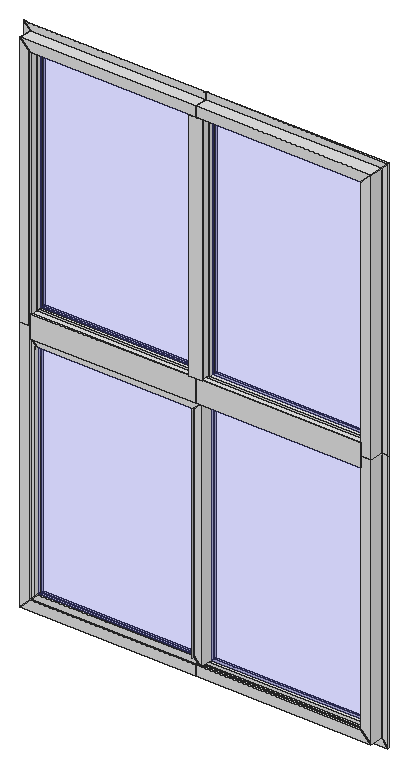
Revit family "531_OX-UT_stucco", category Windows, host Wall, Revit 2016 (continued)
Automatic sketch dimensions
  plane 19 to Extrusion 5 sketch curve = 0.00076"
  Extrusion 5 sketch curve to plane 19 = 0.12424"
  Extrusion 5 sketch curve to plane 6 "Head" = 0.2"
  Extrusion 5 sketch curve to Extrusion 5 sketch curve = 0.2"
  Extrusion 5 sketch curve to Extrusion 5 sketch curve = 0.6125"
  host wall to Extrusion 5 sketch curve = 0.065"
  Extrusion 5 sketch curve to plane 23 "Front of glass" = 0.3485"
  Extrusion 5 sketch curve to Extrusion 5 sketch curve = 0.36172"
  Extrusion 5 sketch curve to Extrusion 5 sketch curve = 0.04228"
  Extrusion 6 sketch curve to plane 23 "Front of glass" = 0"
  plane 17 to Extrusion 6 sketch curve = 0"
  plane 18 to Extrusion 6 sketch curve = 0"
  plane 17 to Extrusion 6 sketch curve = 1/2"
  Extrusion 6 sketch curve to Extrusion 6 sketch curve = 0.46326"
  Extrusion 6 sketch curve to Extrusion 6 sketch curve = 0.02526"  (x2)
  Extrusion 6 sketch curve to Extrusion 6 sketch curve = 0.04192"
  Extrusion 6 sketch curve to plane 17 = 0.34367"
  Extrusion 6 sketch curve to plane 18 = 0.15491"
  Extrusion 6 sketch curve to plane 18 = 0.438"
  plane 23 "Front of glass" to Extrusion 6 sketch curve = 0.03"
  Extrusion 6 sketch curve to host wall = 0.1225"
  Extrusion 6 sketch curve to plane 18 = 1/2"
  Extrusion 6 sketch curve to Extrusion 6 sketch curve = 0.2"  (x2)
  Extrusion 6 sketch curve to Extrusion 6 sketch curve = 0.6125"
  Extrusion 6 sketch curve to host wall = 0.735"
  Extrusion 6 sketch curve to host wall = 0.0925"
  Extrusion 6 sketch curve to plane 23 "Front of glass" = 0.0095"
  Extrusion 6 sketch curve to plane 23 "Front of glass" = 0.0395"
  Extrusion 6 sketch curve to plane 23 "Front of glass" = 0.37341"
  Extrusion 6 sketch curve to plane 23 "Front of glass" = 0.40341"
  Extrusion 6 sketch curve to Extrusion 6 sketch curve = 0.04009"
  plane 22 to Extrusion 7 sketch curve = 0"  (x2)
  Extrusion 7 sketch curve to Extrusion 7 sketch curve = 0.2"  (x2)
  plane 20 to Extrusion 7 sketch curve = 1/4"
  Extrusion 7 sketch curve to Extrusion 7 sketch curve = 1/8"
  Extrusion 7 sketch curve to plane 20 = 1/2"
  Extrusion 7 sketch curve to plane 22 = 0.438"
  Extrusion 7 sketch curve to Extrusion 7 sketch curve = 0.02526"
  Extrusion 7 sketch curve to plane 22 = 1/2"
  Extrusion 7 sketch curve to Extrusion 7 sketch curve = 0.03674"
  Extrusion 7 sketch curve to Extrusion 7 sketch curve = 0.2425"
  Extrusion 7 sketch curve to Extrusion 7 sketch curve = 0.122"  (x2)
  Extrusion 7 sketch curve to Extrusion 7 sketch curve = 1/2"
  Extrusion 7 sketch curve to Extrusion 7 sketch curve = 0.0395"
  Extrusion 7 sketch curve to Extrusion 7 sketch curve = 0.4135"
  Extrusion 7 sketch curve to host wall = 0.185"
  host wall to Extrusion 7 sketch curve = 0.065"
  host wall to Extrusion 7 sketch curve = 0.315"
  Extrusion 7 sketch curve to plane 23 "Front of glass" = 0.3485"
  Extrusion 7 sketch curve to plane 23 "Front of glass" = 0.4135"
  Extrusion 8 sketch curve to host wall = 0.1225"
  plane 19 to Extrusion 8 sketch curve = 0.50076"
  Extrusion 8 sketch curve to host wall = 0.0005"
  Extrusion 8 sketch curve to Extrusion 8 sketch curve = 0"
  plane 23 "Front of glass" to Extrusion 8 sketch curve = 0.03"
  Extrusion 8 sketch curve to Extrusion 8 sketch curve = 0.03674"
  Extrusion 8 sketch curve to plane 23 "Front of glass" = 0.0095"
  Extrusion 8 sketch curve to Extrusion 8 sketch curve = 0.02523"
  plane 19 to Extrusion 8 sketch curve = 0.15576"
  plane 19 to Extrusion 8 sketch curve = 0.00076"  (x2)
  Extrusion 8 sketch curve to plane 19 = 0.12424"
  Extrusion 8 sketch curve to plane 6 "Head" = 0.2"
  Extrusion 8 sketch curve to Extrusion 8 sketch curve = 0.2"
  Extrusion 8 sketch curve to Extrusion 8 sketch curve = 0.6125"
  host wall to Extrusion 8 sketch curve = 0.065"
  Extrusion 8 sketch curve to Extrusion 8 sketch curve = 0.122"
  Extrusion 8 sketch curve to plane 23 "Front of glass" = 0.3485"
  Extrusion 8 sketch curve to Extrusion 8 sketch curve = 0.36391"
  Extrusion 8 sketch curve to Extrusion 8 sketch curve = 0.065"
  plane 21 to Extrusion 9 sketch curve = 0"  (x2)
  plane 18 to Extrusion 9 sketch curve = 0"  (x2)
  plane 21 to Extrusion 9 sketch curve = 0.438"
  Extrusion 9 sketch curve to Extrusion 9 sketch curve = 0.02526"  (x2)
  Extrusion 9 sketch curve to Extrusion 9 sketch curve = 1/2"  (x2)
  Extrusion 9 sketch curve to Extrusion 9 sketch curve = 0.03674"
  Extrusion 9 sketch curve to plane 21 = 0.08733"
  Extrusion 9 sketch curve to Extrusion 9 sketch curve = 0.03767"
  Extrusion 9 sketch curve to host wall = 0.185"
  plane 17 to Extrusion 9 sketch curve = 1/2"
  Extrusion 9 sketch curve to Extrusion 9 sketch curve = 1/8"
  Extrusion 9 sketch curve to plane 18 = 0.155"
  Extrusion 9 sketch curve to plane 18 = 0.438"
  Extrusion 9 sketch curve to Extrusion 9 sketch curve = 0.345"
  Extrusion 9 sketch curve to Extrusion 9 sketch curve = 0"
  Extrusion 9 sketch curve to Extrusion 9 sketch curve = 0.2"  (x2)
  Extrusion 9 sketch curve to Extrusion 9 sketch curve = 0.2425"
  Extrusion 9 sketch curve to Extrusion 9 sketch curve = 0.122"  (x2)
  Extrusion 9 sketch curve to Extrusion 9 sketch curve = 0.0395"
  Extrusion 9 sketch curve to Extrusion 9 sketch curve = 0.36391"  (x2)
  Extrusion 9 sketch curve to Extrusion 9 sketch curve = 0.01009"
  Extrusion 9 sketch curve to host wall = 0.735"
  Extrusion 9 sketch curve to host wall = 0.1225"
  host wall to Extrusion 9 sketch curve = 0.315"
  plane 23 "Front of glass" to Extrusion 9 sketch curve = 0.152"
  plane 23 "Front of glass" to Extrusion 9 sketch curve = 0.03"
  Extrusion 9 sketch curve to plane 23 "Front of glass" = 0.0095"
  Extrusion 9 sketch curve to plane 23 "Front of glass" = 0.37122"
  Extrusion 9 sketch curve to Extrusion 9 sketch curve = 0.04228"
  plane 23 "Front of glass" to Extrusion 10 sketch curve = 0"
  Extrusion 10 sketch curve to plane 13 = 0"
  Extrusion 10 sketch curve to plane 23 "Front of glass" = 0.0395"
  Extrusion 10 sketch curve to plane 23 "Front of glass" = 0.40341"
  Extrusion 10 sketch curve to Extrusion 10 sketch curve = 0.01009"
  plane 23 "Front of glass" to Extrusion 10 sketch curve = 0.2065"
  Extrusion 10 sketch curve to Extrusion 10 sketch curve = 0.1"  (x2)
  Extrusion 10 sketch curve to host wall = 0.0925"
  Extrusion 10 sketch curve to host wall = 0.155"
  plane 13 to Extrusion 10 sketch curve = 1/8"  (x2)
  Extrusion 10 sketch curve to Extrusion 10 sketch curve = 0.45"
  Extrusion 10 sketch curve to plane 13 = 0.062"
  Extrusion 10 sketch curve to Extrusion 10 sketch curve = 0.504"
  Extrusion 10 sketch curve to Extrusion 10 sketch curve = 0.0395"
  Extrusion 10 sketch curve to Extrusion 10 sketch curve = 0.2425"
  Extrusion 10 sketch curve to plane 13 = 0.07"
  Extrusion 10 sketch curve to Extrusion 10 sketch curve = 0.37446"
  Extrusion 10 sketch curve to Extrusion 10 sketch curve = 0.06238"
  Extrusion 10 sketch curve to Extrusion 10 sketch curve = 0.00066"
  Extrusion 10 sketch curve to Extrusion 10 sketch curve = 0"
  Extrusion 10 sketch curve to Extrusion 10 sketch curve = 0.415"  (x2)
  Extrusion 10 sketch curve to plane 13 = 0.03674"
  Extrusion 10 sketch curve to plane 11 "VBS" = 3/8"
  Extrusion 10 sketch curve to Extrusion 10 sketch curve = 0.03974"
  Extrusion 10 sketch curve to plane 24 = 0.05242"
  Extrusion 10 sketch curve to Extrusion 10 sketch curve = 0.02526"
  Extrusion 10 sketch curve to plane 24 = 0.11442"
  plane 13 to Extrusion 23 sketch curve = 0.584"
  plane 16 to Extrusion 23 sketch curve = 0.0841"
  Extrusion 23 sketch curve to plane 24 = 0.86442"
  plane 5 "Sill" to Extrusion 23 sketch curve = 0.85"
  Extrusion 23 sketch curve to plane 20 = 1/2"
  Extrusion 23 sketch curve to plane 22 = 1.084"
  Extrusion 24 sketch curve to plane 13 = 0"
  plane 13 to Extrusion 24 sketch curve = 0.70391"
  plane 16 to Extrusion 24 sketch curve = 0.0841"
  Extrusion 24 sketch curve to plane 24 = 0.6605"
  plane 5 "Sill" to Extrusion 24 sketch curve = 0.6"
  Extrusion 24 sketch curve to plane 20 = 1/2"
  Extrusion 24 sketch curve to plane 22 = 1/2"
  plane 11 "VBS" to Extrusion 25 sketch curve = 0"
  plane 13 to Extrusion 25 sketch curve = 0.63885"
  plane 16 to Extrusion 25 sketch curve = 0.1281"
  Extrusion 25 sketch curve to plane 24 = 0.61442"
  plane 21 to Extrusion 25 sketch curve = 1.13885"
  plane 17 to Extrusion 25 sketch curve = 1/2"
  Extrusion 25 sketch curve to plane 18 = 1.27981"
  Extrusion 26 sketch curve to plane 13 = 0"
  Extrusion 26 sketch curve to plane 18 = 1/2"
  plane 13 to Extrusion 26 sketch curve = 1.77278"
  plane 16 to Extrusion 26 sketch curve = 0.1281"
  Extrusion 26 sketch curve to plane 24 = 0.48642"
  plane 17 to Extrusion 26 sketch curve = 1/2"
  plane 21 to Extrusion 26 sketch curve = 1/2"
  plane 15 to Extrusion 27 sketch curve = 0.50086"
  Extrusion 27 sketch curve to plane 4 "Right" = 3.48302"
  plane 21 to Extrusion 27 sketch curve = 2.1255"
  Extrusion 27 sketch curve to plane 18 = 2.0325"
  plane 12 to Extrusion 28 sketch curve = 2.07269"
  Extrusion 28 sketch curve to plane 4 "Right" = 1.40381"
  plane 5 "Sill" to Extrusion 28 sketch curve = 1.40381"
  Extrusion 28 sketch curve to plane 22 = 2.03019"
  plane 12 to Extrusion 29 sketch curve = 1.71914"
  Extrusion 29 sketch curve to plane 4 "Right" = 1.93497"
  plane 5 "Sill" to Extrusion 29 sketch curve = 1.93497"
  Extrusion 29 sketch curve to plane 22 = 1.67664"
  plane 3 "Left" to Extrusion 39 sketch curve = 2.00736"
  Extrusion 39 sketch curve to plane 14 = 2.35984"
  plane 5 "Sill" to Extrusion 39 sketch curve = 2.00736"
  Extrusion 39 sketch curve to plane 22 = 1.19384"
  plane 3 "Left" to Extrusion 40 sketch curve = 1.63553"
  Extrusion 40 sketch curve to plane 14 = 2.6"
  plane 5 "Sill" to Extrusion 40 sketch curve = 1.63553"
  Extrusion 40 sketch curve to plane 22 = 1.434"
  plane 21 to Extrusion 41 sketch curve = 0.9231"
  plane 3 "Left" to Extrusion 41 sketch curve = 8.30803"
  Extrusion 41 sketch curve to plane 14 = 2.0451"
  plane 17 to Extrusion 41 sketch curve = 1/2"
  Extrusion 41 sketch curve to plane 18 = 2.2349"
  plane 3 "Left" to Extrusion 42 sketch curve = 1.86091"
  Extrusion 42 sketch curve to plane 14 = 1.52513"
  plane 19 to Extrusion 42 sketch curve = 1.52588"
  Extrusion 42 sketch curve to plane 6 "Head" = 1.86091"
  plane 3 "Left" to Extrusion 43 sketch curve = 1.82878"
  Extrusion 43 sketch curve to plane 14 = 1.34835"
  plane 19 to Extrusion 43 sketch curve = 1.34911"
  Extrusion 43 sketch curve to plane 6 "Head" = 1.82878"
  plane 19 to Extrusion 44 sketch curve = 0.50076"
  Extrusion 44 sketch curve to plane 6 "Head" = 1.85"
  plane 12 to Extrusion 45 sketch curve = 0.79807"
  Extrusion 45 sketch curve to plane 4 "Right" = 1.80845"
  plane 19 to Extrusion 45 sketch curve = 1.92348"
  Extrusion 45 sketch curve to plane 6 "Head" = 1.8073"
  Extrusion 46 sketch curve to plane 12 = 0.04863"
  Extrusion 46 sketch curve to plane 4 "Right" = 1.90496"
  plane 19 to Extrusion 46 sketch curve = 1.07678"
  Extrusion 46 sketch curve to plane 6 "Head" = 1.90381"
  Extrusion 49 sketch curve to plane 15 = 0"
  plane 23 "Front of glass" to Extrusion 49 sketch curve = 0"
  Extrusion 49 sketch curve to plane 16 = 0"
  Extrusion 49 sketch curve to host wall = 0.0925"
  Extrusion 50 sketch curve to plane 14 = 0"
  Extrusion 50 sketch curve to plane 11 "VBS" = 0"
  Extrusion 50 sketch curve to host wall = 1.2485"
  Extrusion 50 sketch curve to Extrusion 50 sketch curve = 0.744"
  curve 73 to curve 80 = 1 1/2"
  curve 55 to curve 62 = 1 1/2"
  curve 31 to curve 38 = 1 1/2"
  plane 2 "Center (Left/Right)" to curve 63 = 1.63992"
  curve 76 to curve 81 = 2 1/2"
  curve 33 to curve 39 = 2 1/2"
  curve 77 to curve 79 = 0"  (x2)
  curve 77 to curve 78 = 2 1/2"
  curve 79 to curve 77 = 2 1/2"
  curve 59 to curve 61 = 0"  (x2)
  curve 59 to curve 60 = 2 1/2"
  curve 61 to curve 59 = 2 1/2"
  curve 35 to curve 37 = 0"  (x2)
  curve 35 to curve 36 = 2 1/2"
  curve 37 to curve 35 = 2 1/2"
  curve 45 to curve 40 = 2"
  curve 87 to curve 82 = 2"
  curve 82 to curve 86 = 2 1/2"
  curve 64 to curve 68 = 2 1/2"
  curve 40 to curve 44 = 2 1/2"
  Extrusion 51 sketch curve to plane 4 "Right" = 0"
  plane 23 "Front of glass" to Extrusion 51 sketch curve = 0"
  plane 23 "Front of glass" to Extrusion 51 sketch curve = 0.0395"
  plane 23 "Front of glass" to Extrusion 51 sketch curve = 0.3485"
  Extrusion 51 sketch curve to Extrusion 51 sketch curve = 0.36391"
  plane 15 to Extrusion 51 sketch curve = 0.13914"
  Extrusion 51 sketch curve to Extrusion 51 sketch curve = 0.01009"
  Extrusion 51 sketch curve to Extrusion 51 sketch curve = 0.065"
  host wall to Extrusion 51 sketch curve = 0.0925"
  Extrusion 51 sketch curve to Extrusion 51 sketch curve = 0.6425"
  Extrusion 51 sketch curve to Extrusion 51 sketch curve = 1 1/2"
  Extrusion 51 sketch curve to Extrusion 51 sketch curve = 0.2"  (x2)
  plane 15 to Extrusion 51 sketch curve = 0.37414"
  Extrusion 51 sketch curve to Extrusion 51 sketch curve = 0.04213"
  Extrusion 51 sketch curve to plane 15 = 0.43836"
  Extrusion 51 sketch curve to Extrusion 51 sketch curve = 0.02526"
  Extrusion 51 sketch curve to Extrusion 51 sketch curve = 0.50036"
  Extrusion 52 sketch curve to host wall = 0.185"
  Extrusion 52 sketch curve to Extrusion 52 sketch curve = 0.56044"
  Extrusion 52 sketch curve to Extrusion 52 sketch curve = 0.08956"
  Extrusion 52 sketch curve to Extrusion 52 sketch curve = 0.01009"
  Extrusion 52 sketch curve to Extrusion 52 sketch curve = 0.36391"
  Extrusion 52 sketch curve to Extrusion 52 sketch curve = 0.0395"
  Extrusion 52 sketch curve to Extrusion 52 sketch curve = 0.744"
  Extrusion 52 sketch curve to Extrusion 52 sketch curve = 0.2425"
  Extrusion 52 sketch curve to Extrusion 52 sketch curve = 0.4425"
  Extrusion 52 sketch curve to Extrusion 52 sketch curve = 0.37545"
  Extrusion 52 sketch curve to Extrusion 52 sketch curve = 0.06205"
  Extrusion 52 sketch curve to Extrusion 52 sketch curve = 0.065"
  plane 14 to Extrusion 52 sketch curve = 1/8"
  host wall to Extrusion 52 sketch curve = 0.315"
  Extrusion 52 sketch curve to plane 23 "Front of glass" = 0.3485"
  Extrusion 52 sketch curve to plane 23 "Front of glass" = 0.4135"
  Extrusion 52 sketch curve to plane 14 = 1/2"  (x2)
  Extrusion 52 sketch curve to Extrusion 52 sketch curve = 0.4845"
  Extrusion 52 sketch curve to Extrusion 52 sketch curve = 0.04263"
  Extrusion 52 sketch curve to Extrusion 52 sketch curve = 1.0545"
  Extrusion 52 sketch curve to Extrusion 52 sketch curve = 0.0075"
  Extrusion 52 sketch curve to Extrusion 52 sketch curve = 0.53537"
  Extrusion 52 sketch curve to Extrusion 52 sketch curve = 0.02526"
  Extrusion 52 sketch curve to Extrusion 52 sketch curve = 1/8"
  plane 3 "Left" to Extrusion 52 sketch curve = 0.2"
  Extrusion 53 sketch curve to plane 14 = 1/2"
  Extrusion 53 sketch curve to plane 18 = 1/2"
  Extrusion 53 sketch curve to Extrusion 53 sketch curve = 2.2981"
  plane 17 to Extrusion 53 sketch curve = 1/2"
  plane 21 to Extrusion 53 sketch curve = 1.6761"
  curve 69 to curve 64 = 2"
Types (90): name | VBS | MLW3 | MLW2 | MLW | Interior Color | Height | HBS | Exterior Color | Width
  (no name) | 33" | 30" | 4 1/8" | 4 1/8" | White | 96" | 48" | White | 66"
  36x36 | 18" | 15" | 2 1/4" | 2 1/4" | none | 36" | 18" | none | 36"
  72x72 | 36" | 33" | 4 1/2" | 4 1/2" | none | 72" | 36" | none | 72"
  24x24Min | 12" | 9" | 1 1/2" | 1 1/2" | none | 24" | 12" | none | 24"
  96x96Max | 36" | 33" | 7 1/2" | 4 1/2" | none | 96" | 48" | none | 96"
  48x48 | 24" | 21" | 3" | 3" | none | 48" | 24" | none | 48"
  60x60 | 30" | 27" | 3 3/4" | 3 3/4" | none | 60" | 30" | none | 60"
  84x84 | 36" | 33" | 6" | 4 1/2" | none | 84" | 42" | none | 84"
  24x30 | 12" | 9" | 1 1/2" | 1 1/2" | none | 30" | 15" | none | 24"
  24x36 | 12" | 9" | 1 1/2" | 1 1/2" | none | 36" | 18" | none | 24"
  24x42 | 12" | 9" | 1 1/2" | 1 1/2" | none | 42" | 21" | none | 24"
  24x48 | 12" | 9" | 1 1/2" | 1 1/2" | none | 48" | 24" | none | 24"
  30x24 | 15" | 12" | 1 7/8" | 1 7/8" | none | 24" | 12" | none | 30"
  30x30 | 15" | 12" | 1 7/8" | 1 7/8" | none | 30" | 15" | none | 30"
  30x36 | 15" | 12" | 1 7/8" | 1 7/8" | none | 36" | 18" | none | 30"
  30x42 | 15" | 12" | 1 7/8" | 1 7/8" | none | 42" | 21" | none | 30"
  30x48 | 15" | 12" | 1 7/8" | 1 7/8" | none | 48" | 24" | none | 30"
  30x54 | 15" | 12" | 1 7/8" | 1 7/8" | none | 54" | 27" | none | 30"
  30x60 | 15" | 12" | 1 7/8" | 1 7/8" | none | 60" | 30" | none | 30"
  30x66 | 15" | 12" | 1 7/8" | 1 7/8" | none | 66" | 33" | none | 30"
  36x30 | 18" | 15" | 2 1/4" | 2 1/4" | none | 30" | 15" | none | 36"
  36x42 | 18" | 15" | 2 1/4" | 2 1/4" | none | 42" | 21" | none | 36"
  36x48 | 18" | 15" | 2 1/4" | 2 1/4" | none | 48" | 24" | none | 36"
  36x54 | 18" | 15" | 2 1/4" | 2 1/4" | none | 54" | 27" | none | 36"
  36x60 | 18" | 15" | 2 1/4" | 2 1/4" | none | 60" | 30" | none | 36"
  36x66 | 18" | 15" | 2 1/4" | 2 1/4" | none | 66" | 33" | none | 36"
  42x36 | 21" | 18" | 2 5/8" | 2 5/8" | none | 36" | 18" | none | 42"
  42x42 | 21" | 18" | 2 5/8" | 2 5/8" | none | 42" | 21" | none | 42"
  42x48 | 21" | 18" | 2 5/8" | 2 5/8" | none | 48" | 24" | none | 42"
  42x54 | 21" | 18" | 2 5/8" | 2 5/8" | none | 54" | 27" | none | 42"
  42x60 | 21" | 18" | 2 5/8" | 2 5/8" | none | 60" | 30" | none | 42"
  42x66 | 21" | 18" | 2 5/8" | 2 5/8" | none | 66" | 33" | none | 42"
  42x72 | 21" | 18" | 2 5/8" | 2 5/8" | none | 72" | 36" | none | 42"
  48x42 | 24" | 21" | 3" | 3" | none | 42" | 21" | none | 48"
  48x54 | 24" | 21" | 3" | 3" | none | 54" | 27" | none | 48"
  48x60 | 24" | 21" | 3" | 3" | none | 60" | 30" | none | 48"
  48x66 | 24" | 21" | 3" | 3" | none | 66" | 33" | none | 48"
  48x72 | 24" | 21" | 3" | 3" | none | 72" | 36" | none | 48"
  48x78 | 24" | 21" | 3" | 3" | none | 78" | 39" | none | 48"
  54x48 | 27" | 24" | 3 3/8" | 3 3/8" | none | 48" | 24" | none | 54"
  54x54 | 27" | 24" | 3 3/8" | 3 3/8" | none | 54" | 27" | none | 54"
  54x60 | 27" | 24" | 3 3/8" | 3 3/8" | none | 60" | 30" | none | 54"
  54x66 | 27" | 24" | 3 3/8" | 3 3/8" | none | 66" | 33" | none | 54"
  54x72 | 27" | 24" | 3 3/8" | 3 3/8" | none | 72" | 36" | none | 54"
  54x78 | 27" | 24" | 3 3/8" | 3 3/8" | none | 78" | 39" | none | 54"
  54x84 | 27" | 24" | 3 3/8" | 3 3/8" | none | 84" | 42" | none | 54"
  60x54 | 30" | 27" | 3 3/4" | 3 3/4" | none | 54" | 27" | none | 60"
  60x66 | 30" | 27" | 3 3/4" | 3 3/4" | none | 66" | 33" | none | 60"
  60x72 | 30" | 27" | 3 3/4" | 3 3/4" | none | 72" | 36" | none | 60"
  60x78 | 30" | 27" | 3 3/4" | 3 3/4" | none | 78" | 39" | none | 60"
  60x84 | 30" | 27" | 3 3/4" | 3 3/4" | none | 84" | 42" | none | 60"
  60x90 | 30" | 27" | 3 3/4" | 3 3/4" | none | 90" | 45" | none | 60"
  66x54 | 33" | 30" | 4 1/8" | 4 1/8" | none | 54" | 27" | none | 66"
  66x60 | 33" | 30" | 4 1/8" | 4 1/8" | none | 60" | 30" | none | 66"
  66x66 | 33" | 30" | 4 1/8" | 4 1/8" | none | 66" | 33" | none | 66"
  66x72 | 33" | 30" | 4 1/8" | 4 1/8" | none | 72" | 36" | none | 66"
  66x78 | 33" | 30" | 4 1/8" | 4 1/8" | none | 78" | 39" | none | 66"
  66x84 | 33" | 30" | 4 1/8" | 4 1/8" | none | 84" | 42" | none | 66"
  66x90 | 33" | 30" | 4 1/8" | 4 1/8" | none | 90" | 45" | none | 66"
  66x96 | 33" | 30" | 4 1/8" | 4 1/8" | White | 96" | 48" | White | 66"
  72x60 | 36" | 33" | 4 1/2" | 4 1/2" | none | 60" | 30" | none | 72"
  72x66 | 36" | 33" | 4 1/2" | 4 1/2" | none | 66" | 33" | none | 72"
  72x78 | 36" | 33" | 4 1/2" | 4 1/2" | none | 78" | 39" | none | 72"
  72x84 | 36" | 33" | 4 1/2" | 4 1/2" | none | 84" | 42" | none | 72"
  72x90 | 36" | 33" | 4 1/2" | 4 1/2" | none | 90" | 45" | none | 72"
  72x96 | 36" | 33" | 4 1/2" | 4 1/2" | none | 96" | 48" | none | 72"
  78x60 | 36" | 33" | 5 1/4" | 4 1/2" | none | 60" | 30" | none | 78"
  78x66 | 36" | 33" | 5 1/4" | 4 1/2" | none | 66" | 33" | none | 78"
  78x72 | 36" | 33" | 5 1/4" | 4 1/2" | none | 72" | 36" | none | 78"
  78x78 | 36" | 33" | 5 1/4" | 4 1/2" | none | 78" | 39" | none | 78"
  78x84 | 36" | 33" | 5 1/4" | 4 1/2" | none | 84" | 42" | none | 78"
  78x90 | 36" | 33" | 5 1/4" | 4 1/2" | none | 90" | 45" | none | 78"
  78x96 | 36" | 33" | 5 1/4" | 4 1/2" | none | 96" | 48" | none | 78"
  84x60 | 36" | 33" | 6" | 4 1/2" | none | 60" | 30" | none | 84"
  84x66 | 36" | 33" | 6" | 4 1/2" | none | 66" | 33" | none | 84"
  84x72 | 36" | 33" | 6" | 4 1/2" | none | 72" | 36" | none | 84"
  84x78 | 36" | 33" | 6" | 4 1/2" | none | 78" | 39" | none | 84"
  84x90 | 36" | 33" | 6" | 4 1/2" | none | 90" | 45" | none | 84"
  84x96 | 36" | 33" | 6" | 4 1/2" | none | 96" | 48" | none | 84"
  90x66 | 36" | 33" | 6 3/4" | 4 1/2" | none | 66" | 33" | none | 90"
  90x72 | 36" | 33" | 6 3/4" | 4 1/2" | none | 72" | 36" | none | 90"
  90x78 | 36" | 33" | 6 3/4" | 4 1/2" | none | 78" | 39" | none | 90"
  90x84 | 36" | 33" | 6 3/4" | 4 1/2" | none | 84" | 42" | none | 90"
  90x90 | 36" | 33" | 6 3/4" | 4 1/2" | none | 90" | 45" | none | 90"
  90x96 | 36" | 33" | 6 3/4" | 4 1/2" | none | 96" | 48" | none | 90"
  96x66 | 36" | 33" | 7 1/2" | 4 1/2" | none | 66" | 33" | none | 96"
  96x72 | 36" | 33" | 7 1/2" | 4 1/2" | none | 72" | 36" | none | 96"
  96x78 | 36" | 33" | 7 1/2" | 4 1/2" | none | 78" | 39" | none | 96"
  96x84 | 36" | 33" | 7 1/2" | 4 1/2" | none | 84" | 42" | none | 96"
  96x90 | 36" | 33" | 7 1/2" | 4 1/2" | none | 90" | 45" | none | 96"
